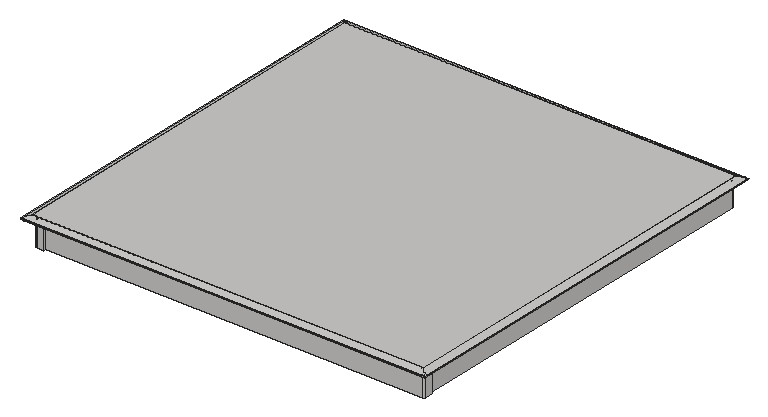
Revit family "Access_Door-Stainless-Steel-Best Access Doors-All_Surface_Types-BA-UHF-SS", category Specialty Equipment, host Face, Revit 2017
Family settings
  Host = Face
  Round Connector Dimension = Use Diameter
  Part Type = Normal
  OmniClass Number = 23.30.10.27.17
  Cut with Voids When Loaded = No
  Shared = No
  Room Calculation Point = No
Parameters (values of type "Not a Type - Load Type Catalog")
  URL = "https://www.bestaccessdoors.com/"
  Product data url = "https://bimobject.com/best-access-doors/product/aesthetic-access-door-in-stainless-steel-for-drywall"
  Product Page URL = ""
  Product Documentation Link = ""
  Panel Swing [instance] = if(Door Open, 90.00°, 0.00°)  # 0.00°
  Neoprene Gasket Material = Neoprene - Best Access Doors -  Gasket
  Neoprene Gasket = no
  Model = "BA-UHF-SS"  # constant formula
  Max Area = 6.25 SF  # constant formula
  Material = ""
  Manufacturer = "Best Access Doors"  # constant formula
  Frame Depth = 1 59/128"  # constant formula
  Finish = Metal - Best Access Doors - Stainless Steel
  Door Width Calc = if(Door Width < 8 1/4", 8 1/4", if(Door Width > Max Area / Door Height Calc, Max Area / Door Height Calc, Door Width))  # 24"
  Door Width = 24"
  Door Open [instance] = no
  Door Height Calc = if(Door Height < 8 1/4", 8 1/4", Door Height)  # 24"
  Door Height = 24"
  Description = "Aesthetic access door in Stainless Steel for all surface types"  # constant formula
  Default Elevation = 0"
  Cut Out Length [instance] = 2"
  Construction Material = Metal - Best Access Doors - Stainless Steel
  C Cut Out Length [instance] = if(Cut Out Length < Frame Depth, Frame Depth, Cut Out Length)  # 2"
  Available Options = ""
  Assembly Code = "C1020700"
  Actual Width = Door Width Calc  # 24"
  Actual Height = Door Height Calc  # 24"
  Actual Area = Door Width Calc * Door Height Calc  # 4.00 SF
Reference planes (in)
  plane 1 "Center (Front/Back)": y = 0
  plane 2 "Back": z = 0
  plane 3 "Center (Left/Right)": x = 0
  plane 4 "Left": x = -12
  plane 5 "Right": x = 12
  plane 6 "Top": y = 12
  plane 7 "Bottom": y = -12
  plane 8: z = 11.8125
  plane 9: z = -2
  plane 10: z = -1.46094
  plane 11: x = 11.42187
  plane 12: x = -11.42187
  plane 13: y = -11.42187
  plane 14: y = 11.42187
Forms (in)
  Extrusion 1, void
    sketch origin (0, 0, 0) x (1, 0, 0) y (0, 1, 0)
      loop
        line (-11.42187, 11.42187) -> (-11.42187, -11.42187) -> (11.42187, -11.42187) -> (11.42187, 11.42187) -> (-11.42187, 11.42187)
    from -2 to 0
Lines and regions (in)
  reference lines
    curve 1: line (-12, 0, 0) -> (1.75, 0, 0)
    curve 2: line (-12, 0, 0) -> (-12, 0, -2.5)
Dimensions and locks (in)
  "C Cut Out Length": plane 2 "Back" to plane 9
  "Frame Depth": level to plane 10
  equal spacing: plane 4 "Left", plane 3 "Center (Left/Right)", plane 5 "Right"
  equal spacing: plane 6 "Top", plane 1 "Center (Front/Back)", plane 7 "Bottom"
  "Door Width Calc": plane 4 "Left" to plane 5 "Right"
  "Door Height Calc": plane 6 "Top" to plane 7 "Bottom"
  locked: plane 6 "Top" to plane 14 at 0.57813
  locked: plane 4 "Left" to plane 12 at 0.57813
  locked: plane 11 to plane 5 "Right" at 0.57813
  locked: plane 7 "Bottom" to plane 13 at 0.57813
  "Panel Swing": angle level to curve 1
  locked: curve 2 to curve 1 (angle 90.00°)
  aligned and locked: plane 2 "Back" to host face
  aligned and locked: level to host face
  aligned and locked: plane 2 "Back" to Extrusion 1
  aligned and locked: Extrusion 1 to plane 9
  aligned and locked: plane 1 "Center (Front/Back)" to nested 1
  aligned and locked: plane 3 "Center (Left/Right)" to nested 1
  aligned and locked: curve 1 to nested 2
  aligned and locked: plane 1 "Center (Front/Back)" to nested 2
  aligned and locked: nested 2 to curve 2
  aligned and locked: Extrusion 1 sketch curve to plane 13
  aligned and locked: Extrusion 1 sketch curve to plane 12
  aligned and locked: Extrusion 1 sketch curve to plane 14
  aligned and locked: Extrusion 1 sketch curve to plane 11
Automatic sketch dimensions
  host sketch curve to host sketch curve = 96"  (x2)
  curve 2 to plane 4 "Left" = 0"
  curve 2 to level = 0"
Nested families (in)
  nested 1: "Frame" at (0, 0, 0), type "Frame"
    with Panel Width 22 27/32", Panel Height 22 27/32", Frame Width 24", Frame Height 24"
  nested 2: "CTR_Panel" at (-12, 0, 0), type "CTR_Panel"
Definition of nested family "Frame"
  Parameters
    Panel Width = Frame Width - 1 5/32"  # 24"
    Panel Height = Frame Height - 1 5/32"  # 24"
    Frame Width = 25 5/32"
    Frame Height = 25 5/32"
    Finish = none
    Assembly Code = ""
  Reference planes (in)
    plane 1 "Center (Front/Back)": y = 0
    plane 2: z = 0
    plane 3 "Center (Left/Right)": x = 0
    plane 4: y = 12.57812
    plane 5: y = -12.57813
    plane 6: x = -12.57812
    plane 7: x = 12.57813
    plane 8: y = 6.87512
    plane 9: y = -6.87512
    plane 10: y = 12.00012
    plane 11: y = -12.00012
  Forms (in)
    Extrusion 1, solid, material <- "Finish", detail levels fine
      sketch origin (0, 0, 0) x (1, 0, 0) y (0, 1, 0)
        loop
          line (-12.57812, 12.32812) -> (-12.57812, -12.32813)
          arc (-12.57812, -12.32813) -> (-12.5049, -12.5049) -> (-12.32813, -12.57813) r 0.25
          line (-12.32813, -12.57813) -> (12.32813, -12.57813)
          arc (12.32813, -12.57813) -> (12.5049, -12.5049) -> (12.57813, -12.32813) r 0.25
          line (12.57813, -12.32813) -> (12.57812, 12.32811)
          arc (12.57812, 12.32811) -> (12.5049, 12.5049) -> (12.32811, 12.57812) r 0.25002
          line (12.32811, 12.57812) -> (-12.32812, 12.57812)
          arc (-12.32812, 12.57812) -> (-12.5049, 12.5049) -> (-12.57812, 12.32812) r 0.25
        loop
          line (-12.09413, -12.09412) -> (12.09412, -12.09412) -> (12.09412, 12.09412) -> (-12.09413, 12.09412) -> (-12.09413, -12.09412)
      from 0 to 0.06201
    Sweep 2, solid, material <- "Finish", detail levels fine
      path in 3D
        loop
          line (-12.09413, 12.09412, 0.06201) -> (12.09412, 12.09412, 0.06201) -> (12.09412, -12.09412, 0.06201) -> (-12.09413, -12.09412, 0.06201) -> (-12.09413, 12.09412, 0.06201)
      profile origin (-12.09413, 0, 0.06201) x (-1, 0, 0) y (0, 0, 1)
        loop
          arc (0, 0) -> (-0.06647, -0.02753) -> (-0.09401, -0.09401) r 0.09401
          line (-0.09401, -0.09401) -> (-0.032, -0.09401)
          arc (-0.032, -0.09401) -> (-0.02263, -0.07138) -> (0, -0.06201) r 0.032
          line (0, -0.06201) -> (0, 0)
    Extrusion 3, solid, material <- "Finish", detail levels fine
      sketch origin (0, 0, 0) x (1, 0, 0) y (0, 1, 0)
        loop
          line (-12.1023, 11.50021) -> (-12.09412, 11.96867)
          arc (-12.09412, 11.96867) -> (-12.08455, 11.99094) -> (-12.06213, 12.00012) r 0.032
          line (-12.06213, 12.00012) -> (12.01612, 12.00012) -> (12.01612, 12.06212) -> (-12.06213, 12.06212)
          arc (-12.06213, 12.06212) -> (-12.12802, 12.03517) -> (-12.15612, 11.96976) r 0.09401
          line (-12.15612, 11.96976) -> (-12.1643, 11.50129) -> (-12.1023, 11.50021)
      from -0.032 to -1.45999
    Extrusion 4, solid, material <- "Finish", detail levels fine
      sketch origin (0, 0, 0) x (0, -1, 0) y (1, 0, 0)
        loop
          line (-12.1023, 11.50021) -> (-12.09412, 11.96867)
          arc (-12.09412, 11.96867) -> (-12.08455, 11.99094) -> (-12.06213, 12.00012) r 0.032
          line (-12.06213, 12.00012) -> (12.01612, 12.00012) -> (12.01612, 12.06212) -> (-12.06213, 12.06212)
          arc (-12.06213, 12.06212) -> (-12.12802, 12.03517) -> (-12.15612, 11.96976) r 0.09401
          line (-12.15612, 11.96976) -> (-12.1643, 11.50129) -> (-12.1023, 11.50021)
      from -0.032 to -1.45999
    Extrusion 5, solid, material <- "Finish", detail levels fine
      sketch origin (0, 0, 0) x (-1, 0, 0) y (0, -1, 0)
        loop
          line (-12.1023, 11.50021) -> (-12.09412, 11.96867)
          arc (-12.09412, 11.96867) -> (-12.08455, 11.99094) -> (-12.06213, 12.00012) r 0.032
          line (-12.06213, 12.00012) -> (12.01612, 12.00012) -> (12.01612, 12.06212) -> (-12.06213, 12.06212)
          arc (-12.06213, 12.06212) -> (-12.12802, 12.03517) -> (-12.15612, 11.96976) r 0.09401
          line (-12.15612, 11.96976) -> (-12.1643, 11.50129) -> (-12.1023, 11.50021)
      from -0.032 to -1.45999
    Extrusion 6, solid, material <- "Finish", detail levels fine
      sketch origin (0, 0, 0) x (0, 1, 0) y (-1, 0, 0)
        loop
          line (-12.1023, 11.50021) -> (-12.09412, 11.96867)
          arc (-12.09412, 11.96867) -> (-12.08455, 11.99094) -> (-12.06213, 12.00012) r 0.032
          line (-12.06213, 12.00012) -> (12.01612, 12.00012) -> (12.01612, 12.06212) -> (-12.06213, 12.06212)
          arc (-12.06213, 12.06212) -> (-12.12802, 12.03517) -> (-12.15612, 11.96976) r 0.09401
          line (-12.15612, 11.96976) -> (-12.1643, 11.50129) -> (-12.1023, 11.50021)
      from -0.032 to -1.45999
  Cuts and joins
    joined: Extrusion 1, Sweep 2
    joined: Extrusion 3, Extrusion 5, Extrusion 6
  Lines and regions (in)
    Masking region 1
      outline origin (0, 0, 0) x (1, 0, 0) y (0, 1, 0)
        loop
          line (12.32811, 12.57812) -> (-12.32812, 12.57812)
          arc (-12.32812, 12.57812) -> (-12.5049, 12.5049) -> (-12.57812, 12.32812) r 0.25
          line (-12.57812, 12.32812) -> (-12.57812, -12.32813)
          arc (-12.57812, -12.32813) -> (-12.5049, -12.5049) -> (-12.32813, -12.57813) r 0.25
          line (-12.32813, -12.57813) -> (12.32813, -12.57813)
          arc (12.32813, -12.57813) -> (12.5049, -12.5049) -> (12.57812, -12.32813) r 0.25
          line (12.57812, -12.32813) -> (12.57812, 12.32811)
          arc (12.57812, 12.32811) -> (12.5049, 12.5049) -> (12.32811, 12.57812) r 0.25002
        loop
          line (-12.00012, 12.00012) -> (-12.00012, -12.00012) -> (12.00012, -12.00012) -> (12.00012, 12.00012) -> (-12.00012, 12.00012)
    Masking region 2, detail levels coarse+medium
      outline origin (0, 0, 0) x (1, 0, 0) y (0, 0, 1)
        loop
          line (-12.57812, -1.45999) -> (12.57813, -1.45999) -> (12.57813, 0.06201) -> (-12.57812, 0.06201) -> (-12.57812, -1.45999)
    Masking region 3, detail levels fine
      outline origin (0, 0, 0) x (1, 0, 0) y (0, 0, 1)
        loop
          line (12.57813, 0.06201) -> (-12.57812, 0.06201) -> (-12.57812, 0) -> (-12.09413, 0)
          arc (-12.09413, 0) -> (-12.0715, -0.00937) -> (-12.06213, -0.032) r 0.032
          line (-12.06213, -0.032) -> (-12.06212, -1.45999) -> (12.06212, -1.45999) -> (12.06212, -0.032)
          arc (12.06212, -0.032) -> (12.0715, -0.00937) -> (12.09412, 0) r 0.032
          line (12.09412, 0) -> (12.57813, 0) -> (12.57813, 0.06201)
    sketch lines
      curve 1: line (-12.09413, -12.09412, 0.06201) -> (-12.09413, 12.09412, 0.06201)
      curve 2: line (-12.09413, 12.09412, 0.06201) -> (12.09412, 12.09412, 0.06201)
      curve 3: line (12.09412, 12.09412, 0.06201) -> (12.09412, -12.09412, 0.06201)
      curve 4: line (12.09412, -12.09412, 0.06201) -> (-12.09413, -12.09412, 0.06201)
    symbolic lines, detail levels fine
      curve 5: line (-12.00573, 0, 0) -> (12.00573, 0, 0)
      curve 6: arc (-12.00012, 0, -0.032) -> (-12.02765, 0, 0.03447) -> (-12.09413, 0, 0.06201) r 0.09401
      curve 7: line (-12.00012, 0, -1.45999) -> (-12.00012, 0, -0.032)
      curve 8: arc (12.00012, 0, -0.03247) -> (12.02748, 0, 0.03431) -> (12.09412, 0, 0.06201) r 0.09401
      curve 9: line (12.00012, 0, -0.03247) -> (12.00012, 0, -1.45999)
  Dimensions and locks (in)
    equal spacing: plane 6, plane 3 "Center (Left/Right)", plane 7
    equal spacing: plane 4, plane 1 "Center (Front/Back)", plane 5
    "Frame Width": plane 6 to plane 7
    "Frame Height": plane 4 to plane 5
    locked: plane 10 to plane 4 at 0.57801
    locked: plane 11 to plane 5 at 0.57801
    plane 8 to plane 10 = 5 1/8"
    plane 9 to plane 11 = 5 1/8"
    aligned and locked: plane 2 to level
    aligned and locked: Masking region 1 sketch curve to cut or joined group of Extrusion 1, Sweep 2  (x4)
    aligned and locked: cut or joined group of Extrusion 1, Sweep 2 to Masking region 2 sketch curve
    aligned and locked: Masking region 2 sketch curve to plane 6
    aligned and locked: Masking region 2 sketch curve to plane 7
    aligned and locked: Masking region 2 sketch curve to cut or joined group of Extrusion 3, Extrusion 5, Extrusion 6
    aligned and locked: Masking region 3 sketch curve to cut or joined group of Extrusion 1, Sweep 2  (x3)
    aligned and locked: Masking region 3 sketch curve to plane 6
    aligned and locked: Masking region 3 sketch curve to plane 7
    aligned and locked: cut or joined group of Extrusion 3, Extrusion 5, Extrusion 6 to Masking region 3 sketch curve
    aligned and locked: Masking region 3 sketch curve to cut or joined group of Extrusion 3, Extrusion 5, Extrusion 6
    aligned and locked: cut or joined group of Extrusion 1, Sweep 2 to curve 5
    aligned and locked: curve 6 to cut or joined group of Extrusion 1, Sweep 2
    aligned and locked: curve 7 to cut or joined group of Extrusion 3, Extrusion 5, Extrusion 6
    aligned and locked: curve 8 to cut or joined group of Extrusion 1, Sweep 2
  Automatic sketch dimensions
    curve 9 to level = 0.03247"
    curve 6 to curve 6 = 0"
    curve 8 to curve 8 = 0"
    curve 9 to curve 8 = 1.42752"
    curve 7 to curve 6 = 1.42799"
    curve 7 to level = 0.032"
    curve 6 to curve 7 = 0"
    Extrusion 1 sketch curve to plane 6 = 0"
    plane 5 to Extrusion 1 sketch curve = 0"
    Extrusion 1 sketch curve to plane 4 = 0"
    Extrusion 1 sketch curve to plane 7 = 0"
    Extrusion 1 sketch curve to plane 5 = 1/4"
    plane 6 to Extrusion 1 sketch curve = 1/4"  (x2)
    Extrusion 1 sketch curve to plane 11 = 0.09401"
    Extrusion 1 sketch curve to Extrusion 1 sketch curve = 0.234"
    Extrusion 1 sketch curve to plane 10 = 0.09401"
    plane 7 to Extrusion 1 sketch curve = 0.484"
    plane 7 to Extrusion 1 sketch curve = 1/4"
    Sweep 2 sketch curve to profile plane = 0"  (x2)
    profile plane to Sweep 2 sketch curve = 0.032"
    Sweep 2 sketch curve to Sweep 2 sketch curve = 0.06201"
    profile plane to Sweep 2 sketch curve = 0"  (x2)
    Sweep 2 sketch curve to Sweep 2 sketch curve = 0.032"
    Sweep 2 sketch curve to Sweep 2 sketch curve = 0"
    plane 6 to Extrusion 3 sketch curve = 0.41383"
    plane 10 to Extrusion 3 sketch curve = 0.49991"
    plane 10 to Extrusion 3 sketch curve = 0.03036"
    plane 6 to Extrusion 3 sketch curve = 0.42201"
    Extrusion 3 sketch curve to Extrusion 3 sketch curve = 0.062"  (x2)
    plane 10 to Extrusion 3 sketch curve = 0.03144"
    Extrusion 3 sketch curve to plane 10 = 0.06201"
    Extrusion 3 sketch curve to Extrusion 3 sketch curve = 0.03199"
    Extrusion 3 sketch curve to plane 10 = 0"  (x2)
    Extrusion 3 sketch curve to Extrusion 3 sketch curve = 0"  (x2)
    plane 7 to Extrusion 3 sketch curve = 0.562"
    Extrusion 3 sketch curve to Extrusion 3 sketch curve = 0.00108"
    Extrusion 4 sketch curve to plane 10 = 0.16418"
    Extrusion 4 sketch curve to plane 10 = 0.10218"
    plane 7 to Extrusion 4 sketch curve = 1.07792"
    Extrusion 4 sketch curve to plane 10 = 0.156"
    Extrusion 4 sketch curve to Extrusion 4 sketch curve = 0.062"
    Extrusion 4 sketch curve to plane 10 = 0.06201"
    Extrusion 4 sketch curve to Extrusion 4 sketch curve = 0"  (x2)
    Extrusion 4 sketch curve to plane 11 = 0.01601"
    Extrusion 4 sketch curve to Extrusion 4 sketch curve = 0.00108"  (x2)
    Extrusion 4 sketch curve to Extrusion 4 sketch curve = 0.46847"
    Extrusion 4 sketch curve to Extrusion 4 sketch curve = 0.03144"
    plane 7 to Extrusion 4 sketch curve = 0.57801"
    Extrusion 4 sketch curve to Extrusion 4 sketch curve = 0.06201"
    plane 7 to Extrusion 5 sketch curve = 0.41383"
    plane 11 to Extrusion 5 sketch curve = 0.49991"
    plane 11 to Extrusion 5 sketch curve = 0.03036"
    plane 7 to Extrusion 5 sketch curve = 0.42201"
    Extrusion 5 sketch curve to Extrusion 5 sketch curve = 0.062"  (x2)
    plane 11 to Extrusion 5 sketch curve = 0.03144"
    Extrusion 5 sketch curve to plane 11 = 0.06201"
    Extrusion 5 sketch curve to Extrusion 5 sketch curve = 0.03199"
    Extrusion 5 sketch curve to plane 11 = 0"  (x2)
    Extrusion 5 sketch curve to Extrusion 5 sketch curve = 0"  (x2)
    plane 6 to Extrusion 5 sketch curve = 0.562"
    Extrusion 5 sketch curve to Extrusion 5 sketch curve = 0.00108"
    Extrusion 6 sketch curve to plane 11 = 0.16418"
    Extrusion 6 sketch curve to plane 11 = 0.10218"
    plane 6 to Extrusion 6 sketch curve = 1.07792"
    Extrusion 6 sketch curve to plane 11 = 0.156"
    Extrusion 6 sketch curve to Extrusion 6 sketch curve = 0.062"
    Extrusion 6 sketch curve to plane 11 = 0.06201"
    Extrusion 6 sketch curve to Extrusion 6 sketch curve = 0"  (x2)
    Extrusion 6 sketch curve to plane 10 = 0.01601"
    Extrusion 6 sketch curve to Extrusion 6 sketch curve = 0.00108"  (x2)
    Extrusion 6 sketch curve to Extrusion 6 sketch curve = 0.46847"
    Extrusion 6 sketch curve to Extrusion 6 sketch curve = 0.03144"
    plane 6 to Extrusion 6 sketch curve = 0.57801"
    Extrusion 6 sketch curve to Extrusion 6 sketch curve = 0.06201"
    Masking region 1 sketch curve to plane 10 = 0"  (x2)
    plane 6 to Masking region 1 sketch curve = 0.57801"
    Masking region 1 sketch curve to plane 11 = 0"  (x2)
    Masking region 1 sketch curve to Masking region 1 sketch curve = 0.32801"  (x2)
    Masking region 1 sketch curve to Masking region 1 sketch curve = 0.32799"
    plane 7 to Masking region 3 sketch curve = 0.516"
    Masking region 3 sketch curve to level = 0.032"  (x2)
    Masking region 3 sketch curve to Masking region 3 sketch curve = 0"  (x2)
Definition of nested family "CTR_Panel"
  Parameters
    Panel Width = 24"
    Panel Height = 24"
    Lock Configuration Offset = if(Panel Height < 30", 5 1/8", if(Panel Height < 36", 6 1/2", 8 9/16"))  # 5 1/8"
    Lock 4 = not(Panel Height < 30")  # no
    Lock 3 = if(Panel Width > 16", 1 = 1, 1 = 0)  # yes
    Lock 2 = if(not(Panel Height < 24"), 1 = 1, 1 = 0)  # yes
    Lock 1 = if(Panel Height < 24", 1 = 1, 1 = 0)  # no
    Finish = none
    Default Elevation = 48"
    Assembly Code = ""
  Reference planes (in)
    plane 1 "Center (Front/Back)": y = 0
    plane 2: z = 0
    plane 3 "Center (Left/Right)": x = 0
    plane 4: x = 24
    plane 5: y = 12
    plane 6: y = -12
    plane 7: y = 6.875
    plane 8: y = -6.875
    plane 9: x = 21.97689
    plane 10: x = 12
    plane 11: x = 2.02311
    plane 12: y = 9.969
    plane 13: y = -9.969
  Forms (in)
    Sweep 1, solid, material <- "Finish", detail levels fine
      path origin (6.90603, 0, 0) x (1, 0, 0) y (0, 1, 0)
        loop
          line (-6.90603, -12) -> (17.09397, -12) -> (17.09397, 12) -> (-6.90603, 12) -> (-6.90603, -12)
      profile origin (0, 0, 0) x (-1, 0, 0) y (0, 0, 1)
        loop
          line (-0.02378, 0) -> (0, 0.05727) -> (-0.37173, 0.21165)
          arc (-0.37173, 0.21165) -> (-0.3865, 0.21632) -> (-0.40186, 0.21837) r 0.08913
          line (-0.40186, 0.21837) -> (-0.40186, 0.15636) -> (-0.02378, 0)
    Extrusion 2, solid, material <- "Finish", detail levels fine
      sketch origin (6.90603, 0, 0) x (1, 0, 0) y (0, 1, 0)
        loop
          line (-6.50416, 11.59814) -> (-6.50416, -11.59814) -> (16.69211, -11.59814) -> (16.69211, 11.59814) -> (-6.50416, 11.59814)
      from 0.15636 to 0.21837
    Extrusion 3, solid, material <- "Finish", detail levels coarse+medium
      sketch origin (0, 0, 0) x (1, 0, 0) y (0, 1, 0)
        loop
          line (0, 12) -> (0, -12) -> (24, -12) -> (24, 12) -> (0, 12)
      from 0 to 0.21837
  Cuts and joins
    joined: Sweep 1, Extrusion 2
  Lines and regions (in)
    Masking region 1
      outline origin (0, 0, 0) x (1, 0, 0) y (0, 1, 0)
        loop
          line (0, 12) -> (0, -12) -> (24, -12) -> (24, 12) -> (0, 12)
    Masking region 2, detail levels fine
      outline origin (0, 0, 0) x (1, 0, 0) y (0, 0, 1)
        loop
          line (0.38792, 0.21837) -> (0, 0.05727) -> (0.02378, 0) -> (23.97622, 0) -> (24, 0.05727) -> (23.61208, 0.21837) -> (0.38792, 0.21837)
    symbolic lines, detail levels fine
      curve 1: line (0.40186, 11.59814, 0) -> (23.59814, 11.59814, 0)
      curve 2: line (0.40186, -11.59814, 0) -> (0.40186, 11.59814, 0)
      curve 3: line (23.59814, -11.59814, 0) -> (0.40186, -11.59814, 0)
      curve 4: line (23.59814, 11.59814, 0) -> (23.59814, -11.59814, 0)
      curve 5: line (0, 12, 0) -> (0.40186, 11.59814, 0)
      curve 6: line (23.59814, 11.59814, 0) -> (24, 12, 0)
      curve 7: line (23.59814, -11.59814, 0) -> (24, -12, 0)
      curve 8: line (0.40186, -11.59814, 0) -> (0, -12, 0)
    symbolic lines
      curve 9: line (0, 0, 0.05727) -> (24, 0, 0.05727)
  Dimensions and locks (in)
    "Panel Width": plane 3 "Center (Left/Right)" to plane 4
    equal spacing: plane 5, plane 1 "Center (Front/Back)", plane 6
    "Panel Height": plane 5 to plane 6
    "Lock Configuration Offset": plane 5 to plane 7
    "Lock Configuration Offset": plane 8 to plane 6
    locked: plane 9 to plane 4 at 2.02311
    locked: plane 3 "Center (Left/Right)" to plane 11 at 2.02311
    equal spacing: plane 3 "Center (Left/Right)", plane 10, plane 4
    locked: plane 5 to plane 12 at 2.031
    locked: plane 6 to plane 13 at 2.031
    aligned and locked: plane 2 to level
    aligned and locked: Extrusion 2 sketch curve to Sweep 1  (x4)
    aligned and locked: Extrusion 2 to Sweep 1  (x2)
    aligned and locked: plane 4 to Sweep 1
    aligned and locked: Sweep 1 sketch curve to plane 5
    aligned and locked: plane 4 to Sweep 1 sketch curve
    aligned and locked: plane 6 to Sweep 1 sketch curve
    aligned and locked: plane 3 "Center (Left/Right)" to Sweep 1 sketch curve
    aligned and locked: plane 8 to nested 3
    aligned and locked: nested 2 to plane 7
    aligned and locked: nested 6 to plane 1 "Center (Front/Back)"
    aligned and locked: plane 9 to nested 3
    aligned and locked: plane 9 to nested 1
    aligned and locked: plane 9 to nested 2
    aligned and locked: plane 10 to nested 5
    aligned and locked: plane 10 to nested 4
    aligned and locked: nested 6 to plane 11
    aligned and locked: plane 4 to Extrusion 3 sketch curve
    aligned and locked: Extrusion 3 sketch curve to plane 5
    aligned and locked: plane 3 "Center (Left/Right)" to Extrusion 3 sketch curve
    aligned and locked: plane 6 to Extrusion 3 sketch curve
    aligned and locked: Masking region 1 sketch curve to plane 5
    aligned and locked: plane 6 to Masking region 1 sketch curve
    aligned and locked: plane 3 "Center (Left/Right)" to Masking region 1 sketch curve
    aligned and locked: plane 4 to Masking region 1 sketch curve
    aligned and locked: curve 1 to cut or joined group of Sweep 1, Extrusion 2
    aligned and locked: curve 2 to cut or joined group of Sweep 1, Extrusion 2
    aligned and locked: curve 3 to cut or joined group of Sweep 1, Extrusion 2
    aligned and locked: curve 4 to cut or joined group of Sweep 1, Extrusion 2
    aligned and locked: curve 5 to cut or joined group of Sweep 1, Extrusion 2
    aligned and locked: curve 6 to cut or joined group of Sweep 1, Extrusion 2
    aligned and locked: curve 7 to cut or joined group of Sweep 1, Extrusion 2
    aligned and locked: curve 8 to cut or joined group of Sweep 1, Extrusion 2
    aligned and locked: Extrusion 3 to level
    aligned and locked: Masking region 2 sketch curve to cut or joined group of Sweep 1, Extrusion 2  (x5)
    aligned and locked: Masking region 2 sketch curve to level
    aligned and locked: nested 5 to plane 12
    aligned and locked: plane 13 to nested 4
  Automatic sketch dimensions
    Sweep 1 sketch curve to profile plane = 0"  (x2)
    profile plane to Sweep 1 sketch curve = 0.02378"
    profile plane to Sweep 1 sketch curve = 0.37173"
    Sweep 1 sketch curve to Sweep 1 sketch curve = 0.03014"
    Sweep 1 sketch curve to Sweep 1 sketch curve = 0.00405"
    profile plane to Sweep 1 sketch curve = 0.05727"
    Sweep 1 sketch curve to Sweep 1 sketch curve = 0.08231"
    Sweep 1 sketch curve to Sweep 1 sketch curve = 0.02702"
    curve 5 to plane 3 "Center (Left/Right)" = 0"
    curve 6 to plane 4 = 0"
    curve 7 to plane 4 = 0"
    curve 8 to plane 3 "Center (Left/Right)" = 0"
    curve 9 to plane 3 "Center (Left/Right)" = 0"
    plane 4 to curve 9 = 0"
    level to curve 9 = 0.05727"
  Nested families (in)
    nested 1: "3d-Lock" at (21.97689, 0, 0.21837) x (-1, 0, 0) z (0, 0, -1), visible <- "Lock 1", type "3d-Lock"
    nested 2: "3d-Lock" at (21.97689, 6.875, 0.21837) x (-1, 0, 0) z (0, 0, -1), visible <- "Lock 2", type "3d-Lock"
    nested 3: "3d-Lock" at (21.97689, -6.875, 0.21837) x (-1, 0, 0) z (0, 0, -1), visible <- "Lock 2", type "3d-Lock"
    nested 4: "3d-Lock" at (12, -9.969, 0.21837) x (-1, 0, 0) z (0, 0, -1), visible <- "Lock 3", type "3d-Lock"
    nested 5: "3d-Lock" at (12, 9.969, 0.21837) x (-1, 0, 0) z (0, 0, -1), visible <- "Lock 3", type "3d-Lock"
    nested 6: "3d-Lock" at (2.02311, 0, 0.21837) x (1, 0, 0) z (0, 0, -1), visible <- "Lock 4", type "3d-Lock"
  Definition of nested family "3d-Lock"
    Parameters
      Default Elevation = 48"
      Assembly Code = ""
    Reference planes (in)
      plane 1 "Center (Front/Back)": y = 0
      plane 2 "Bottom": z = 0
      plane 3 "Center (Left/Right)": x = 0
      plane 4 "Top": z = 1
    Lines and regions (in)
      Masking region 1, detail levels fine
        outline origin (0, 0, 1) x (-1, 0, 0) y (0, -1, 0)
          loop
            circle (0, 0) r 0.242
      model lines, detail levels fine
        curve 1: circle (0, 0, 0) r 0.242 normal (0, 0, -1)
        curve 2: circle (0, 0, 0) r 0.18005 normal (0, 0, -1)
        curve 3: line (0.02717, -0.1188, 0) -> (-0.10122, 0.06801, 0)
        curve 4: arc (-0.10122, 0.06801, 0) -> (-0.08091, 0.12671, 0) -> (-0.01884, 0.12462, 0) r 0.0523
        curve 5: line (-0.01884, 0.12462, 0) -> (0.10963, -0.06214, 0)
        curve 6: arc (0.10963, -0.06214, 0) -> (0.08906, -0.12053, 0) -> (0.02717, -0.1188, 0) r 0.05254
      symbolic lines, detail levels fine
        curve 7: circle (0, 0, 1) r 0.18005 normal (0, 0, -1)
        curve 8: line (-0.01884, 0.12462, 1) -> (0.10963, -0.06214, 1)
        curve 9: arc (0.10963, -0.06214, 1) -> (0.08906, -0.12053, 1) -> (0.02717, -0.1188, 1) r 0.05254
        curve 10: line (0.02717, -0.1188, 1) -> (-0.10122, 0.06801, 1)
        curve 11: arc (-0.10122, 0.06801, 1) -> (-0.08091, 0.12671, 1) -> (-0.01884, 0.12462, 1) r 0.0523
    Dimensions and locks (in)
      aligned and locked: plane 2 "Bottom" to level
